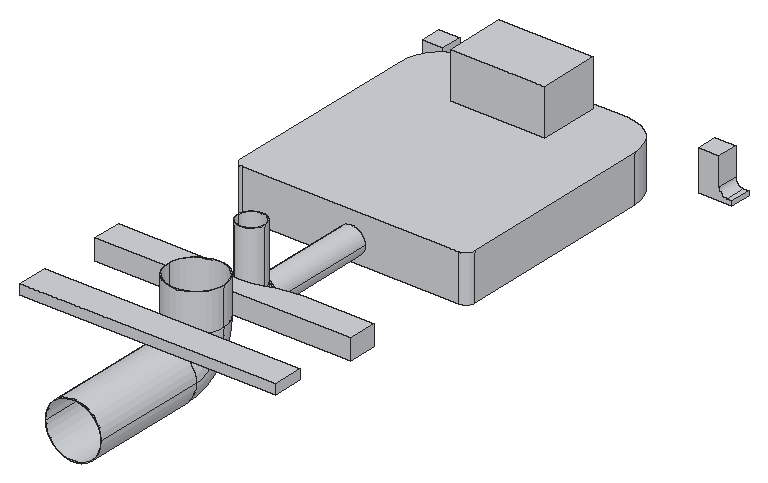
Revit family "Deca_Caixa de descarga embutida para drywall para bacia suspensa_Caixa embutida Hydra_2502.CX.AF", category Plumbing Fixtures, host Face, Revit 2019 (continued)
Automatic sketch dimensions
  Masking region 1 sketch curve to Masking region 1 sketch curve = 4.801 mm
  Masking region 1 sketch curve to Masking region 1 sketch curve = 1.145 mm
  Masking region 1 sketch curve to Masking region 1 sketch curve = 8.701 mm
  Masking region 1 sketch curve to Masking region 1 sketch curve = 66.216 mm
  Masking region 1 sketch curve to Masking region 1 sketch curve = 57.515 mm
  Masking region 1 sketch curve to Masking region 1 sketch curve = 0.263 mm  (x2)
  Masking region 1 sketch curve to Masking region 1 sketch curve = 1.203 mm  (x2)
  Masking region 1 sketch curve to Masking region 1 sketch curve = 14.477 mm  (x2)
  Masking region 1 sketch curve to Masking region 1 sketch curve = 31.077 mm  (x2)
  Masking region 1 sketch curve to Masking region 1 sketch curve = 1.241 mm  (x2)
  Masking region 1 sketch curve to Masking region 1 sketch curve = 10.359 mm  (x2)
  Masking region 1 sketch curve to Masking region 1 sketch curve = 0.044 mm  (x2)
  Masking region 1 sketch curve to Masking region 1 sketch curve = 14.84 mm
  Masking region 1 sketch curve to Masking region 1 sketch curve = 14.858 mm
  Masking region 1 sketch curve to Masking region 1 sketch curve = 1.018 mm
  Masking region 1 sketch curve to Masking region 1 sketch curve = 51.223 mm  (x2)
  Masking region 1 sketch curve to Masking region 1 sketch curve = 4.9 mm  (x2)
  Masking region 1 sketch curve to Masking region 1 sketch curve = 3.451 mm  (x2)
  Masking region 1 sketch curve to Masking region 1 sketch curve = 9.875 mm  (x2)
  Masking region 1 sketch curve to Masking region 1 sketch curve = 7.485 mm
  Masking region 1 sketch curve to Masking region 1 sketch curve = 312.589 mm
  Masking region 1 sketch curve to Masking region 1 sketch curve = 323.074 mm
  Masking region 1 sketch curve to Masking region 1 sketch curve = 31.409 mm
  Masking region 1 sketch curve to Masking region 1 sketch curve = 36.054 mm
  Masking region 1 sketch curve to Masking region 1 sketch curve = 8.946 mm
  Masking region 1 sketch curve to Masking region 1 sketch curve = 32.617 mm
  Masking region 1 sketch curve to Masking region 1 sketch curve = 45.564 mm
  Masking region 1 sketch curve to Masking region 1 sketch curve = 116.841 mm
  Masking region 1 sketch curve to Masking region 1 sketch curve = 9.75 mm
  Masking region 1 sketch curve to Masking region 1 sketch curve = 26.819 mm
  Masking region 1 sketch curve to Masking region 1 sketch curve = 1.35 mm  (x2)
  Masking region 1 sketch curve to Masking region 1 sketch curve = 4 mm  (x4)
  Masking region 1 sketch curve to Masking region 1 sketch curve = 2.644 mm  (x2)
  Masking region 1 sketch curve to Masking region 1 sketch curve = 0.338 mm  (x2)
  Masking region 1 sketch curve to Masking region 1 sketch curve = 32.5 mm
  Masking region 1 sketch curve to Masking region 1 sketch curve = 49.569 mm
  Masking region 1 sketch curve to Masking region 1 sketch curve = 22.206 mm  (x2)
  Masking region 1 sketch curve to Masking region 1 sketch curve = 8.847 mm  (x2)
  Masking region 1 sketch curve to Masking region 1 sketch curve = 8.041 mm  (x2)
  Masking region 1 sketch curve to Masking region 1 sketch curve = 21 mm
  Masking region 1 sketch curve to Masking region 1 sketch curve = 60.75 mm
  Masking region 1 sketch curve to Masking region 1 sketch curve = 28.25 mm
  Masking region 1 sketch curve to Masking region 1 sketch curve = 30 mm
  Masking region 1 sketch curve to Masking region 1 sketch curve = 36 mm  (x2)
  Masking region 1 sketch curve to Masking region 1 sketch curve = 1.32 mm  (x2)
  Masking region 1 sketch curve to Masking region 1 sketch curve = 0.003 mm  (x2)
  Masking region 1 sketch curve to Masking region 1 sketch curve = 19.293 mm  (x2)
  Masking region 1 sketch curve to Masking region 1 sketch curve = 0.018 mm
  Masking region 2 sketch curve to Masking region 2 sketch curve = 0.175 mm
  Masking region 2 sketch curve to Masking region 2 sketch curve = 66 mm
  Masking region 2 sketch curve to Masking region 2 sketch curve = 318.264 mm
  Masking region 2 sketch curve to Masking region 2 sketch curve = 0.158 mm
  Masking region 2 sketch curve to Masking region 2 sketch curve = 91.717 mm
  Masking region 2 sketch curve to Masking region 2 sketch curve = 0.027 mm
  Masking region 2 sketch curve to Masking region 2 sketch curve = 3.007 mm
  Masking region 2 sketch curve to Masking region 2 sketch curve = 1.156 mm
  Masking region 2 sketch curve to Masking region 2 sketch curve = 3.983 mm
  Masking region 2 sketch curve to Masking region 2 sketch curve = 4.257 mm
  Masking region 2 sketch curve to Masking region 2 sketch curve = 9.486 mm
  Masking region 2 sketch curve to Masking region 2 sketch curve = 16.557 mm
  Masking region 2 sketch curve to Masking region 2 sketch curve = 51.902 mm
  Masking region 2 sketch curve to Masking region 2 sketch curve = 35.579 mm
  Masking region 2 sketch curve to Masking region 2 sketch curve = 7.021 mm
  Masking region 2 sketch curve to Masking region 2 sketch curve = 48.261 mm
  Masking region 2 sketch curve to Masking region 2 sketch curve = 164.816 mm
  Masking region 2 sketch curve to Masking region 2 sketch curve = 30 mm
  Masking region 2 sketch curve to Masking region 2 sketch curve = 0.997 mm
  Masking region 2 sketch curve to Masking region 2 sketch curve = 0.003 mm
  Masking region 2 sketch curve to Masking region 2 sketch curve = 15.861 mm
  Masking region 2 sketch curve to Masking region 2 sketch curve = 5.444 mm
  Masking region 2 sketch curve to Masking region 2 sketch curve = 5.484 mm
  Masking region 2 sketch curve to Masking region 2 sketch curve = 339.717 mm
  Masking region 2 sketch curve to Masking region 2 sketch curve = 15.969 mm
  Masking region 2 sketch curve to Masking region 2 sketch curve = 77.648 mm
  Masking region 2 sketch curve to Masking region 2 sketch curve = 39.255 mm
  Masking region 2 sketch curve to Masking region 2 sketch curve = 0.177 mm
  Masking region 2 sketch curve to Masking region 2 sketch curve = 10.114 mm
  Masking region 2 sketch curve to Masking region 2 sketch curve = 0.019 mm
  Masking region 2 sketch curve to Masking region 2 sketch curve = 0.803 mm
  Masking region 2 sketch curve to Masking region 2 sketch curve = 2.6 mm
  Masking region 2 sketch curve to Masking region 2 sketch curve = 3.383 mm
  Masking region 2 sketch curve to Masking region 2 sketch curve = 2 mm
  Masking region 2 sketch curve to Masking region 2 sketch curve = 2.644 mm
  Masking region 2 sketch curve to Masking region 2 sketch curve = 0.338 mm
  Masking region 2 sketch curve to Masking region 2 sketch curve = 1.606 mm  (x2)
  Masking region 2 sketch curve to Masking region 2 sketch curve = 21 mm
  Masking region 2 sketch curve to Masking region 2 sketch curve = 17.75 mm
  Masking region 2 sketch curve to Masking region 2 sketch curve = 15.46 mm  (x2)
  Masking region 2 sketch curve to Masking region 2 sketch curve = 9.08 mm
  Masking region 2 sketch curve to Masking region 2 sketch curve = 0 mm  (x2)
  Masking region 2 sketch curve to Masking region 2 sketch curve = 0.955 mm
  Masking region 2 sketch curve to Masking region 2 sketch curve = 2.302 mm
  Masking region 2 sketch curve to Masking region 2 sketch curve = 4.101 mm
  Masking region 2 sketch curve to Masking region 2 sketch curve = 28.587 mm
  Masking region 2 sketch curve to Masking region 2 sketch curve = 6.35 mm
  Masking region 2 sketch curve to Masking region 2 sketch curve = 19.153 mm
  Masking region 2 sketch curve to Masking region 2 sketch curve = 20.613 mm
  Masking region 2 sketch curve to Masking region 2 sketch curve = 3.54 mm
  Masking region 2 sketch curve to Masking region 2 sketch curve = 5 mm
  Masking region 2 sketch curve to Masking region 2 sketch curve = 36.482 mm
  Masking region 2 sketch curve to Masking region 2 sketch curve = 2.5 mm  (x2)
  Masking region 2 sketch curve to Masking region 2 sketch curve = 8.057 mm
  Masking region 2 sketch curve to Masking region 2 sketch curve = 3.953 mm
  Masking region 3 sketch curve to Masking region 3 sketch curve = 2.327 mm  (x2)
  Masking region 3 sketch curve to Masking region 3 sketch curve = 16.016 mm  (x2)
  Masking region 3 sketch curve to Masking region 3 sketch curve = 0.15 mm  (x2)
  Masking region 3 sketch curve to Masking region 3 sketch curve = 8.316 mm  (x2)
  Masking region 3 sketch curve to Masking region 3 sketch curve = 1.315 mm  (x2)
  Masking region 3 sketch curve to Masking region 3 sketch curve = 0.5 mm  (x2)
  Masking region 3 sketch curve to Masking region 3 sketch curve = 4.393 mm  (x2)
  Masking region 3 sketch curve to Masking region 3 sketch curve = 6.357 mm  (x2)
  Masking region 3 sketch curve to Masking region 3 sketch curve = 2.339 mm  (x2)
  Masking region 3 sketch curve to Masking region 3 sketch curve = 1.911 mm  (x2)
  Masking region 3 sketch curve to Masking region 3 sketch curve = 6 mm  (x5)
  Masking region 3 sketch curve to Masking region 3 sketch curve = 3 mm  (x4)
  Masking region 3 sketch curve to Masking region 3 sketch curve = 18.5 mm  (x2)
  Masking region 3 sketch curve to Masking region 3 sketch curve = 19.5 mm  (x3)
  Masking region 3 sketch curve to Masking region 3 sketch curve = 2 mm  (x2)
  Masking region 3 sketch curve to Masking region 3 sketch curve = 15 mm  (x2)
  Masking region 3 sketch curve to Masking region 3 sketch curve = 0.006 mm  (x2)
  Masking region 3 sketch curve to Masking region 3 sketch curve = 7.994 mm  (x2)
  Masking region 3 sketch curve to Masking region 3 sketch curve = 1 mm  (x2)
  Masking region 3 sketch curve to Masking region 3 sketch curve = 0 mm  (x9)
  Masking region 3 sketch curve to Masking region 3 sketch curve = 10.979 mm
  Masking region 3 sketch curve to Masking region 3 sketch curve = 1.04 mm  (x2)
  Masking region 3 sketch curve to Masking region 3 sketch curve = 6.519 mm
  Masking region 3 sketch curve to Masking region 3 sketch curve = 4.46 mm
  Masking region 3 sketch curve to Masking region 3 sketch curve = 6.019 mm
  Masking region 3 sketch curve to Masking region 3 sketch curve = 3.009 mm  (x2)
  Masking region 3 sketch curve to Masking region 3 sketch curve = 3.309 mm  (x2)
  Masking region 3 sketch curve to Masking region 3 sketch curve = 4.3 mm  (x2)
  Masking region 3 sketch curve to Masking region 3 sketch curve = 9 mm  (x4)
  Masking region 3 sketch curve to Masking region 3 sketch curve = 5 mm  (x2)
  Masking region 3 sketch curve to Masking region 3 sketch curve = 36 mm  (x2)
  Masking region 3 sketch curve to Masking region 3 sketch curve = 0.525 mm
  Sweep 1 sketch curve to profile plane = 0 mm
  profile plane to Sweep 2 sketch curve = 0 mm
  Sweep 2 sketch curve to profile plane = 0 mm
  Masking region 2 sketch curve to Masking region 2 sketch curve = 107.221 mm
  Masking region 2 sketch curve to Masking region 2 sketch curve = 4 mm
  Masking region 2 sketch curve to Masking region 2 sketch curve = 3 mm
  Masking region 2 sketch curve to Masking region 2 sketch curve = 0.011 mm
  Masking region 2 sketch curve to Masking region 2 sketch curve = 0.445 mm
  Masking region 2 sketch curve to Masking region 2 sketch curve = 18.695 mm
  Masking region 2 sketch curve to Masking region 2 sketch curve = 0.029 mm
  Masking region 2 sketch curve to Masking region 2 sketch curve = 17.465 mm
  Masking region 2 sketch curve to Masking region 2 sketch curve = 0.005 mm
  Masking region 2 sketch curve to Masking region 2 sketch curve = 24 mm
  Masking region 2 sketch curve to Masking region 2 sketch curve = 24.945 mm
  Masking region 2 sketch curve to Masking region 2 sketch curve = 3.686 mm
  Masking region 2 sketch curve to Masking region 2 sketch curve = 0.007 mm
  Masking region 2 sketch curve to Masking region 2 sketch curve = 1.039 mm
  Masking region 2 sketch curve to Masking region 2 sketch curve = 0.043 mm
  Masking region 2 sketch curve to Masking region 2 sketch curve = 1.568 mm
  Masking region 2 sketch curve to Masking region 2 sketch curve = 0.045 mm
  Masking region 2 sketch curve to Masking region 2 sketch curve = 0.524 mm
  Masking region 2 sketch curve to Masking region 2 sketch curve = 30.096 mm
  Masking region 2 sketch curve to Masking region 2 sketch curve = 37.929 mm
  Masking region 2 sketch curve to Masking region 2 sketch curve = 9.48 mm
  Masking region 2 sketch curve to Masking region 2 sketch curve = 0.07 mm
  Masking region 2 sketch curve to Masking region 2 sketch curve = 2.121 mm
  Masking region 2 sketch curve to Masking region 2 sketch curve = 7.018 mm
  Masking region 2 sketch curve to Masking region 2 sketch curve = 0.174 mm
  Masking region 2 sketch curve to Masking region 2 sketch curve = 8.75 mm
  Masking region 2 sketch curve to Masking region 2 sketch curve = 15.573 mm
  Masking region 2 sketch curve to Masking region 2 sketch curve = 48.425 mm
  Masking region 4 sketch curve to Masking region 4 sketch curve = 0.175 mm
  Masking region 4 sketch curve to Masking region 4 sketch curve = 66 mm
  Masking region 4 sketch curve to Masking region 4 sketch curve = 318.264 mm
  Masking region 4 sketch curve to Masking region 4 sketch curve = 0.158 mm
  Masking region 4 sketch curve to Masking region 4 sketch curve = 91.717 mm
  Masking region 4 sketch curve to Masking region 4 sketch curve = 0.027 mm
  Masking region 4 sketch curve to Masking region 4 sketch curve = 3.007 mm
  Masking region 4 sketch curve to Masking region 4 sketch curve = 1.156 mm
  Masking region 4 sketch curve to Masking region 4 sketch curve = 3.983 mm
  Masking region 4 sketch curve to Masking region 4 sketch curve = 4.257 mm
  Masking region 4 sketch curve to Masking region 4 sketch curve = 9.486 mm
  Masking region 4 sketch curve to Masking region 4 sketch curve = 16.557 mm
  Masking region 4 sketch curve to Masking region 4 sketch curve = 51.902 mm
  Masking region 4 sketch curve to Masking region 4 sketch curve = 35.579 mm
  Masking region 4 sketch curve to Masking region 4 sketch curve = 7.021 mm
  Masking region 4 sketch curve to Masking region 4 sketch curve = 48.261 mm
  Masking region 4 sketch curve to Masking region 4 sketch curve = 164.816 mm
  Masking region 4 sketch curve to Masking region 4 sketch curve = 30 mm
  Masking region 4 sketch curve to Masking region 4 sketch curve = 0.997 mm
  Masking region 4 sketch curve to Masking region 4 sketch curve = 0.003 mm
  Masking region 4 sketch curve to Masking region 4 sketch curve = 15.861 mm
  Masking region 4 sketch curve to Masking region 4 sketch curve = 5.444 mm
  Masking region 4 sketch curve to Masking region 4 sketch curve = 5.484 mm
  Masking region 4 sketch curve to Masking region 4 sketch curve = 339.717 mm
  Masking region 4 sketch curve to Masking region 4 sketch curve = 15.969 mm
  Masking region 4 sketch curve to Masking region 4 sketch curve = 77.648 mm
  Masking region 4 sketch curve to Masking region 4 sketch curve = 39.255 mm
  Masking region 4 sketch curve to Masking region 4 sketch curve = 0.177 mm
  Masking region 4 sketch curve to Masking region 4 sketch curve = 10.114 mm
  Masking region 4 sketch curve to Masking region 4 sketch curve = 0.019 mm
  Masking region 4 sketch curve to Masking region 4 sketch curve = 0.803 mm
  Masking region 4 sketch curve to Masking region 4 sketch curve = 2.6 mm
  Masking region 4 sketch curve to Masking region 4 sketch curve = 3.383 mm
  Masking region 4 sketch curve to Masking region 4 sketch curve = 2 mm
  Masking region 4 sketch curve to Masking region 4 sketch curve = 2.644 mm
  Masking region 4 sketch curve to Masking region 4 sketch curve = 0.338 mm
  Masking region 4 sketch curve to Masking region 4 sketch curve = 1.606 mm  (x2)
  Masking region 4 sketch curve to Masking region 4 sketch curve = 21 mm
  Masking region 4 sketch curve to Masking region 4 sketch curve = 17.75 mm
  Masking region 4 sketch curve to Masking region 4 sketch curve = 15.46 mm  (x2)
  Masking region 4 sketch curve to Masking region 4 sketch curve = 9.08 mm
  Masking region 4 sketch curve to Masking region 4 sketch curve = 0 mm  (x2)
  Masking region 4 sketch curve to Masking region 4 sketch curve = 0.955 mm
  Masking region 4 sketch curve to Masking region 4 sketch curve = 2.302 mm
  Masking region 4 sketch curve to Masking region 4 sketch curve = 4.101 mm
  Masking region 4 sketch curve to Masking region 4 sketch curve = 28.587 mm
  Masking region 4 sketch curve to Masking region 4 sketch curve = 6.35 mm
  Masking region 4 sketch curve to Masking region 4 sketch curve = 19.153 mm
  Masking region 4 sketch curve to Masking region 4 sketch curve = 20.613 mm
  Masking region 4 sketch curve to Masking region 4 sketch curve = 3.54 mm
  Masking region 4 sketch curve to Masking region 4 sketch curve = 5 mm
  Masking region 4 sketch curve to Masking region 4 sketch curve = 36.482 mm
  Masking region 4 sketch curve to Masking region 4 sketch curve = 2.5 mm  (x2)
  Masking region 4 sketch curve to Masking region 4 sketch curve = 8.057 mm
  Masking region 4 sketch curve to Masking region 4 sketch curve = 3.953 mm
  Masking region 4 sketch curve to Masking region 4 sketch curve = 107.221 mm
  Masking region 4 sketch curve to Masking region 4 sketch curve = 4 mm
  Masking region 4 sketch curve to Masking region 4 sketch curve = 3 mm
  Masking region 4 sketch curve to Masking region 4 sketch curve = 0.011 mm
  Masking region 4 sketch curve to Masking region 4 sketch curve = 0.445 mm
  Masking region 4 sketch curve to Masking region 4 sketch curve = 18.695 mm
  Masking region 4 sketch curve to Masking region 4 sketch curve = 0.029 mm
  Masking region 4 sketch curve to Masking region 4 sketch curve = 17.465 mm
  Masking region 4 sketch curve to Masking region 4 sketch curve = 0.005 mm
  Masking region 4 sketch curve to Masking region 4 sketch curve = 24 mm
  Masking region 4 sketch curve to Masking region 4 sketch curve = 24.945 mm
  Masking region 4 sketch curve to Masking region 4 sketch curve = 3.686 mm
  Masking region 4 sketch curve to Masking region 4 sketch curve = 0.007 mm
  Masking region 4 sketch curve to Masking region 4 sketch curve = 1.039 mm
  Masking region 4 sketch curve to Masking region 4 sketch curve = 0.043 mm
  Masking region 4 sketch curve to Masking region 4 sketch curve = 1.568 mm
  Masking region 4 sketch curve to Masking region 4 sketch curve = 0.045 mm
  Masking region 4 sketch curve to Masking region 4 sketch curve = 0.524 mm
  Masking region 4 sketch curve to Masking region 4 sketch curve = 30.096 mm
  Masking region 4 sketch curve to Masking region 4 sketch curve = 37.929 mm
  Masking region 4 sketch curve to Masking region 4 sketch curve = 9.48 mm
  Masking region 4 sketch curve to Masking region 4 sketch curve = 0.07 mm
  Masking region 4 sketch curve to Masking region 4 sketch curve = 2.121 mm
  Masking region 4 sketch curve to Masking region 4 sketch curve = 7.018 mm
  Masking region 4 sketch curve to Masking region 4 sketch curve = 0.174 mm
  Masking region 4 sketch curve to Masking region 4 sketch curve = 8.75 mm
  Masking region 4 sketch curve to Masking region 4 sketch curve = 15.573 mm
  Masking region 4 sketch curve to Masking region 4 sketch curve = 48.425 mm
  Masking region 2 sketch curve to Masking region 2 sketch curve = 40 mm
  Masking region 4 sketch curve to Masking region 4 sketch curve = 40 mm
  Masking region 5 sketch curve to Masking region 5 sketch curve = 4.291 mm
  Masking region 5 sketch curve to Masking region 5 sketch curve = 101.586 mm
  Masking region 5 sketch curve to Masking region 5 sketch curve = 4.123 mm
  Masking region 5 sketch curve to Masking region 5 sketch curve = 44.564 mm
  Masking region 5 sketch curve to Masking region 5 sketch curve = 52.037 mm
  Masking region 5 sketch curve to Masking region 5 sketch curve = 0.27 mm
  Masking region 5 sketch curve to Masking region 5 sketch curve = 0.5 mm  (x2)
  Masking region 5 sketch curve to Masking region 5 sketch curve = 1.5 mm
  Masking region 5 sketch curve to Masking region 5 sketch curve = 1.624 mm  (x2)
  Masking region 5 sketch curve to Masking region 5 sketch curve = 9.78 mm
  Masking region 5 sketch curve to Masking region 5 sketch curve = 20.511 mm  (x2)
  Masking region 5 sketch curve to Masking region 5 sketch curve = 3.377 mm
  Masking region 5 sketch curve to Masking region 5 sketch curve = 6.926 mm
  Masking region 5 sketch curve to Masking region 5 sketch curve = 1 mm
  Masking region 5 sketch curve to Masking region 5 sketch curve = 0.23 mm
  Masking region 5 sketch curve to Masking region 5 sketch curve = 71.2 mm
  Masking region 5 sketch curve to Masking region 5 sketch curve = 564.716 mm
  Masking region 5 sketch curve to Masking region 5 sketch curve = 6 mm  (x2)
  Masking region 5 sketch curve to Masking region 5 sketch curve = 2.15 mm  (x2)
  Masking region 5 sketch curve to Masking region 5 sketch curve = 0.714 mm  (x2)
  Masking region 5 sketch curve to Masking region 5 sketch curve = 0.357 mm  (x2)
  Masking region 5 sketch curve to Masking region 5 sketch curve = 11.029 mm
  Masking region 5 sketch curve to Masking region 5 sketch curve = 90 mm
  Masking region 5 sketch curve to Masking region 5 sketch curve = 6.746 mm
  Masking region 5 sketch curve to Masking region 5 sketch curve = 1.857 mm  (x2)
  Masking region 5 sketch curve to Masking region 5 sketch curve = 2.426 mm
  Masking region 5 sketch curve to Masking region 5 sketch curve = 11.278 mm
  Masking region 5 sketch curve to Masking region 5 sketch curve = 9.778 mm
  Masking region 5 sketch curve to Masking region 5 sketch curve = 3.822 mm
  Masking region 5 sketch curve to Masking region 5 sketch curve = 4.604 mm
  Masking region 5 sketch curve to Masking region 5 sketch curve = 0 mm  (x14)
  Masking region 5 sketch curve to Masking region 5 sketch curve = 0.01 mm  (x2)
  Masking region 5 sketch curve to Masking region 5 sketch curve = 4.5 mm  (x2)
  Masking region 5 sketch curve to Masking region 5 sketch curve = 9.1 mm  (x2)
  Masking region 5 sketch curve to Masking region 5 sketch curve = 52.258 mm
  Masking region 5 sketch curve to Masking region 5 sketch curve = 52.45 mm
  Masking region 5 sketch curve to Masking region 5 sketch curve = 36.65 mm
  Masking region 5 sketch curve to Masking region 5 sketch curve = 40.908 mm  (x2)
  Masking region 5 sketch curve to Masking region 5 sketch curve = 0.743 mm  (x2)
  Masking region 5 sketch curve to Masking region 5 sketch curve = 7.323 mm
  Masking region 5 sketch curve to Masking region 5 sketch curve = 0.001 mm  (x2)
  Masking region 5 sketch curve to Masking region 5 sketch curve = 2.283 mm
  Masking region 5 sketch curve to Masking region 5 sketch curve = 0.143 mm
  Masking region 5 sketch curve to Masking region 5 sketch curve = 4.642 mm  (x2)
  Masking region 5 sketch curve to Masking region 5 sketch curve = 19.229 mm
  Masking region 5 sketch curve to Masking region 5 sketch curve = 0.703 mm
  Masking region 5 sketch curve to Masking region 5 sketch curve = 4.296 mm  (x3)
  Masking region 5 sketch curve to Masking region 5 sketch curve = 22.842 mm
  Masking region 5 sketch curve to Masking region 5 sketch curve = 5 mm
  Masking region 5 sketch curve to Masking region 5 sketch curve = 5.016 mm  (x2)
  Masking region 5 sketch curve to Masking region 5 sketch curve = 2.443 mm  (x2)
  Masking region 5 sketch curve to Masking region 5 sketch curve = 2 mm
  Masking region 5 sketch curve to Masking region 5 sketch curve = 85.103 mm  (x2)
  Masking region 5 sketch curve to Masking region 5 sketch curve = 1.77 mm  (x2)
  Masking region 5 sketch curve to Masking region 5 sketch curve = 5.323 mm
  Masking region 5 sketch curve to Masking region 5 sketch curve = 16.02 mm
  Masking region 7 sketch curve to Masking region 7 sketch curve = 0.175 mm
  Masking region 7 sketch curve to Masking region 7 sketch curve = 66 mm
  Masking region 7 sketch curve to Masking region 7 sketch curve = 318.264 mm
  Masking region 7 sketch curve to Masking region 7 sketch curve = 0.158 mm
  Masking region 7 sketch curve to Masking region 7 sketch curve = 91.717 mm
  Masking region 7 sketch curve to Masking region 7 sketch curve = 0.027 mm
  Masking region 7 sketch curve to Masking region 7 sketch curve = 3.007 mm
  Masking region 7 sketch curve to Masking region 7 sketch curve = 1.156 mm
  Masking region 7 sketch curve to Masking region 7 sketch curve = 3.983 mm
  Masking region 7 sketch curve to Masking region 7 sketch curve = 4.257 mm
  Masking region 7 sketch curve to Masking region 7 sketch curve = 9.486 mm
  Masking region 7 sketch curve to Masking region 7 sketch curve = 16.557 mm
  Masking region 7 sketch curve to Masking region 7 sketch curve = 51.902 mm
  Masking region 7 sketch curve to Masking region 7 sketch curve = 35.579 mm
  Masking region 7 sketch curve to Masking region 7 sketch curve = 7.021 mm
  Masking region 7 sketch curve to Masking region 7 sketch curve = 48.261 mm
  Masking region 7 sketch curve to Masking region 7 sketch curve = 164.816 mm
  Masking region 7 sketch curve to Masking region 7 sketch curve = 30 mm
  Masking region 7 sketch curve to Masking region 7 sketch curve = 0.997 mm
  Masking region 7 sketch curve to Masking region 7 sketch curve = 0.003 mm
  Masking region 7 sketch curve to Masking region 7 sketch curve = 15.861 mm
  Masking region 7 sketch curve to Masking region 7 sketch curve = 5.444 mm
  Masking region 7 sketch curve to Masking region 7 sketch curve = 5.484 mm
  Masking region 7 sketch curve to Masking region 7 sketch curve = 339.717 mm
  Masking region 7 sketch curve to Masking region 7 sketch curve = 15.969 mm
  Masking region 7 sketch curve to Masking region 7 sketch curve = 77.648 mm
  Masking region 7 sketch curve to Masking region 7 sketch curve = 39.255 mm
  Masking region 7 sketch curve to Masking region 7 sketch curve = 0.177 mm
  Masking region 7 sketch curve to Masking region 7 sketch curve = 10.114 mm
  Masking region 7 sketch curve to Masking region 7 sketch curve = 0.019 mm
  Masking region 7 sketch curve to Masking region 7 sketch curve = 0.803 mm
  Masking region 7 sketch curve to Masking region 7 sketch curve = 2.6 mm
  Masking region 7 sketch curve to Masking region 7 sketch curve = 3.383 mm
  Masking region 7 sketch curve to Masking region 7 sketch curve = 2 mm
  Masking region 7 sketch curve to Masking region 7 sketch curve = 2.644 mm
  Masking region 7 sketch curve to Masking region 7 sketch curve = 0.338 mm
  Masking region 7 sketch curve to Masking region 7 sketch curve = 1.606 mm  (x2)
  Masking region 7 sketch curve to Masking region 7 sketch curve = 21 mm
  Masking region 7 sketch curve to Masking region 7 sketch curve = 17.75 mm
  Masking region 7 sketch curve to Masking region 7 sketch curve = 15.46 mm  (x2)
  Masking region 7 sketch curve to Masking region 7 sketch curve = 9.08 mm
  Masking region 7 sketch curve to Masking region 7 sketch curve = 0 mm  (x2)
  Masking region 7 sketch curve to Masking region 7 sketch curve = 0.955 mm
  Masking region 7 sketch curve to Masking region 7 sketch curve = 2.302 mm
  Masking region 7 sketch curve to Masking region 7 sketch curve = 4.101 mm
  Masking region 7 sketch curve to Masking region 7 sketch curve = 28.587 mm
  Masking region 7 sketch curve to Masking region 7 sketch curve = 6.35 mm
  Masking region 7 sketch curve to Masking region 7 sketch curve = 19.153 mm
  Masking region 7 sketch curve to Masking region 7 sketch curve = 20.613 mm
  Masking region 7 sketch curve to Masking region 7 sketch curve = 3.54 mm
  Masking region 7 sketch curve to Masking region 7 sketch curve = 5 mm
  Masking region 7 sketch curve to Masking region 7 sketch curve = 36.482 mm
  Masking region 7 sketch curve to Masking region 7 sketch curve = 2.5 mm  (x2)
  Masking region 7 sketch curve to Masking region 7 sketch curve = 8.057 mm
  Masking region 7 sketch curve to Masking region 7 sketch curve = 3.953 mm
  Masking region 7 sketch curve to Masking region 7 sketch curve = 107.221 mm
  Masking region 7 sketch curve to Masking region 7 sketch curve = 4 mm
  Masking region 7 sketch curve to Masking region 7 sketch curve = 3 mm
  Masking region 7 sketch curve to Masking region 7 sketch curve = 0.011 mm
  Masking region 7 sketch curve to Masking region 7 sketch curve = 0.445 mm
  Masking region 7 sketch curve to Masking region 7 sketch curve = 18.695 mm
  Masking region 7 sketch curve to Masking region 7 sketch curve = 0.029 mm
  Masking region 7 sketch curve to Masking region 7 sketch curve = 17.465 mm
  Masking region 7 sketch curve to Masking region 7 sketch curve = 0.005 mm
  Masking region 7 sketch curve to Masking region 7 sketch curve = 24 mm
  Masking region 7 sketch curve to Masking region 7 sketch curve = 24.945 mm
  Masking region 7 sketch curve to Masking region 7 sketch curve = 3.686 mm
  Masking region 7 sketch curve to Masking region 7 sketch curve = 0.007 mm
  Masking region 7 sketch curve to Masking region 7 sketch curve = 1.039 mm
  Masking region 7 sketch curve to Masking region 7 sketch curve = 0.043 mm
  Masking region 7 sketch curve to Masking region 7 sketch curve = 1.568 mm
  Masking region 7 sketch curve to Masking region 7 sketch curve = 0.045 mm
  Masking region 7 sketch curve to Masking region 7 sketch curve = 0.524 mm
  Masking region 7 sketch curve to Masking region 7 sketch curve = 30.096 mm
  Masking region 7 sketch curve to Masking region 7 sketch curve = 37.929 mm
  Masking region 7 sketch curve to Masking region 7 sketch curve = 9.48 mm
  Masking region 7 sketch curve to Masking region 7 sketch curve = 0.07 mm
  Masking region 7 sketch curve to Masking region 7 sketch curve = 2.121 mm
  Masking region 7 sketch curve to Masking region 7 sketch curve = 7.018 mm
  Masking region 7 sketch curve to Masking region 7 sketch curve = 0.174 mm
  Masking region 7 sketch curve to Masking region 7 sketch curve = 8.75 mm
  Masking region 7 sketch curve to Masking region 7 sketch curve = 15.573 mm
  Masking region 7 sketch curve to Masking region 7 sketch curve = 48.425 mm
  Masking region 7 sketch curve to Masking region 7 sketch curve = 40 mm
  Masking region 8 sketch curve to Masking region 8 sketch curve = 4.291 mm
  Masking region 8 sketch curve to Masking region 8 sketch curve = 101.586 mm
  Masking region 8 sketch curve to Masking region 8 sketch curve = 4.123 mm
  Masking region 8 sketch curve to Masking region 8 sketch curve = 44.564 mm
  Masking region 8 sketch curve to Masking region 8 sketch curve = 52.037 mm
  Masking region 8 sketch curve to Masking region 8 sketch curve = 0.27 mm
  Masking region 8 sketch curve to Masking region 8 sketch curve = 0.5 mm  (x2)
  Masking region 8 sketch curve to Masking region 8 sketch curve = 1.5 mm
  Masking region 8 sketch curve to Masking region 8 sketch curve = 1.624 mm  (x2)
  Masking region 8 sketch curve to Masking region 8 sketch curve = 9.78 mm
  Masking region 8 sketch curve to Masking region 8 sketch curve = 20.511 mm  (x2)
  Masking region 8 sketch curve to Masking region 8 sketch curve = 3.377 mm
  Masking region 8 sketch curve to Masking region 8 sketch curve = 6.926 mm
  Masking region 8 sketch curve to Masking region 8 sketch curve = 1 mm
  Masking region 8 sketch curve to Masking region 8 sketch curve = 0.23 mm
  Masking region 8 sketch curve to Masking region 8 sketch curve = 71.2 mm
  Masking region 8 sketch curve to Masking region 8 sketch curve = 564.716 mm
  Masking region 8 sketch curve to Masking region 8 sketch curve = 6 mm  (x2)
  Masking region 8 sketch curve to Masking region 8 sketch curve = 2.15 mm  (x2)
  Masking region 8 sketch curve to Masking region 8 sketch curve = 0.714 mm  (x2)
  Masking region 8 sketch curve to Masking region 8 sketch curve = 0.357 mm  (x2)
  Masking region 8 sketch curve to Masking region 8 sketch curve = 11.029 mm
  Masking region 8 sketch curve to Masking region 8 sketch curve = 90 mm
  Masking region 8 sketch curve to Masking region 8 sketch curve = 6.746 mm
  Masking region 8 sketch curve to Masking region 8 sketch curve = 1.857 mm  (x2)
  Masking region 8 sketch curve to Masking region 8 sketch curve = 2.426 mm
  Masking region 8 sketch curve to Masking region 8 sketch curve = 11.278 mm
  Masking region 8 sketch curve to Masking region 8 sketch curve = 9.778 mm
  Masking region 8 sketch curve to Masking region 8 sketch curve = 3.822 mm
  Masking region 8 sketch curve to Masking region 8 sketch curve = 4.604 mm
  Masking region 8 sketch curve to Masking region 8 sketch curve = 0 mm  (x14)
  Masking region 8 sketch curve to Masking region 8 sketch curve = 0.01 mm  (x2)
  Masking region 8 sketch curve to Masking region 8 sketch curve = 4.5 mm  (x2)
  Masking region 8 sketch curve to Masking region 8 sketch curve = 9.1 mm  (x2)
  Masking region 8 sketch curve to Masking region 8 sketch curve = 52.258 mm
  Masking region 8 sketch curve to Masking region 8 sketch curve = 52.45 mm
  Masking region 8 sketch curve to Masking region 8 sketch curve = 36.65 mm
  Masking region 8 sketch curve to Masking region 8 sketch curve = 40.908 mm  (x2)
  Masking region 8 sketch curve to Masking region 8 sketch curve = 0.743 mm  (x2)
  Masking region 8 sketch curve to Masking region 8 sketch curve = 7.323 mm
  Masking region 8 sketch curve to Masking region 8 sketch curve = 0.001 mm  (x2)
  Masking region 8 sketch curve to Masking region 8 sketch curve = 2.283 mm
  Masking region 8 sketch curve to Masking region 8 sketch curve = 0.143 mm
  Masking region 8 sketch curve to Masking region 8 sketch curve = 4.642 mm  (x2)
  Masking region 8 sketch curve to Masking region 8 sketch curve = 19.229 mm
  Masking region 8 sketch curve to Masking region 8 sketch curve = 0.703 mm
  Masking region 8 sketch curve to Masking region 8 sketch curve = 4.296 mm  (x3)
  Masking region 8 sketch curve to Masking region 8 sketch curve = 22.842 mm
  Masking region 8 sketch curve to Masking region 8 sketch curve = 5 mm
  Masking region 8 sketch curve to Masking region 8 sketch curve = 5.016 mm  (x2)
  Masking region 8 sketch curve to Masking region 8 sketch curve = 2.443 mm  (x2)
  Masking region 8 sketch curve to Masking region 8 sketch curve = 2 mm
  Masking region 8 sketch curve to Masking region 8 sketch curve = 85.103 mm  (x2)
  Masking region 8 sketch curve to Masking region 8 sketch curve = 1.77 mm  (x2)
  Masking region 8 sketch curve to Masking region 8 sketch curve = 5.323 mm
  Masking region 8 sketch curve to Masking region 8 sketch curve = 16.02 mm
  Masking region 3 sketch curve to Masking region 3 sketch curve = 195.548 mm
  Masking region 3 sketch curve to Masking region 3 sketch curve = 205.503 mm
  Masking region 9 sketch curve to Masking region 9 sketch curve = 21.956 mm
  Masking region 9 sketch curve to Masking region 9 sketch curve = 23.717 mm
  Masking region 9 sketch curve to Masking region 9 sketch curve = 41.604 mm
  Masking region 9 sketch curve to Masking region 9 sketch curve = 2.304 mm
  Masking region 9 sketch curve to Masking region 9 sketch curve = 10.452 mm
  Masking region 9 sketch curve to Masking region 9 sketch curve = 2.625 mm
  Masking region 9 sketch curve to Masking region 9 sketch curve = 67.335 mm
  Masking region 9 sketch curve to Masking region 9 sketch curve = 11.049 mm
  Masking region 9 sketch curve to Masking region 9 sketch curve = 13.065 mm
  Masking region 9 sketch curve to Masking region 9 sketch curve = 6.103 mm  (x2)
  Masking region 9 sketch curve to Masking region 9 sketch curve = 0 mm  (x4)
  Masking region 9 sketch curve to Masking region 9 sketch curve = 3.33 mm  (x2)
  Masking region 9 sketch curve to Masking region 9 sketch curve = 1.697 mm  (x2)
  Masking region 9 sketch curve to Masking region 9 sketch curve = 85.103 mm
  Masking region 9 sketch curve to Masking region 9 sketch curve = 6 mm  (x3)
  Masking region 9 sketch curve to Masking region 9 sketch curve = 7 mm
  Masking region 9 sketch curve to Masking region 9 sketch curve = 2 mm
  Masking region 9 sketch curve to Masking region 9 sketch curve = 9 mm
  Masking region 9 sketch curve to Masking region 9 sketch curve = 34.701 mm
  Masking region 3 sketch curve to Masking region 3 sketch curve = 44.497 mm
  Masking region 3 sketch curve to Masking region 3 sketch curve = 98.949 mm
  Masking region 3 sketch curve to Masking region 3 sketch curve = 24 mm  (x2)
  Masking region 3 sketch curve to Masking region 3 sketch curve = 7.61 mm  (x2)
  Masking region 3 sketch curve to Masking region 3 sketch curve = 6.371 mm
  Masking region 3 sketch curve to Masking region 3 sketch curve = 7.229 mm
  Masking region 9 sketch curve to Masking region 9 sketch curve = 183.809 mm
  Masking region 10 sketch curve to Masking region 10 sketch curve = 2.327 mm  (x2)
  Masking region 10 sketch curve to Masking region 10 sketch curve = 16.016 mm  (x2)
  Masking region 10 sketch curve to Masking region 10 sketch curve = 0.15 mm  (x2)
  Masking region 10 sketch curve to Masking region 10 sketch curve = 8.316 mm  (x2)
  Masking region 10 sketch curve to Masking region 10 sketch curve = 1.315 mm  (x2)
  Masking region 10 sketch curve to Masking region 10 sketch curve = 0.5 mm  (x2)
  Masking region 10 sketch curve to Masking region 10 sketch curve = 4.393 mm  (x2)
  Masking region 10 sketch curve to Masking region 10 sketch curve = 6.357 mm  (x2)
  Masking region 10 sketch curve to Masking region 10 sketch curve = 2.339 mm  (x2)
  Masking region 10 sketch curve to Masking region 10 sketch curve = 1.911 mm  (x2)
  Masking region 10 sketch curve to Masking region 10 sketch curve = 6 mm  (x5)
  Masking region 10 sketch curve to Masking region 10 sketch curve = 3 mm  (x4)
  Masking region 10 sketch curve to Masking region 10 sketch curve = 18.5 mm  (x2)
  Masking region 10 sketch curve to Masking region 10 sketch curve = 19.5 mm  (x3)
  Masking region 10 sketch curve to Masking region 10 sketch curve = 2 mm  (x2)
  Masking region 10 sketch curve to Masking region 10 sketch curve = 15 mm  (x2)
  Masking region 10 sketch curve to Masking region 10 sketch curve = 0.006 mm  (x2)
  Masking region 10 sketch curve to Masking region 10 sketch curve = 7.994 mm  (x2)
  Masking region 10 sketch curve to Masking region 10 sketch curve = 1 mm  (x2)
  Masking region 10 sketch curve to Masking region 10 sketch curve = 0 mm  (x9)
  Masking region 10 sketch curve to Masking region 10 sketch curve = 10.979 mm
  Masking region 10 sketch curve to Masking region 10 sketch curve = 1.04 mm  (x2)
  Masking region 10 sketch curve to Masking region 10 sketch curve = 6.519 mm
  Masking region 10 sketch curve to Masking region 10 sketch curve = 4.46 mm
  Masking region 10 sketch curve to Masking region 10 sketch curve = 6.019 mm
  Masking region 10 sketch curve to Masking region 10 sketch curve = 3.009 mm  (x2)
  Masking region 10 sketch curve to Masking region 10 sketch curve = 3.309 mm  (x2)
  Masking region 10 sketch curve to Masking region 10 sketch curve = 4.3 mm  (x2)
  Masking region 10 sketch curve to Masking region 10 sketch curve = 9 mm  (x4)
  Masking region 10 sketch curve to Masking region 10 sketch curve = 5 mm  (x2)
  Masking region 10 sketch curve to Masking region 10 sketch curve = 36 mm  (x2)
  Masking region 10 sketch curve to Masking region 10 sketch curve = 0.525 mm
  Masking region 10 sketch curve to Masking region 10 sketch curve = 195.548 mm
  Masking region 10 sketch curve to Masking region 10 sketch curve = 205.503 mm
  Masking region 11 sketch curve to Masking region 11 sketch curve = 21.956 mm
  Masking region 11 sketch curve to Masking region 11 sketch curve = 23.717 mm
  Masking region 11 sketch curve to Masking region 11 sketch curve = 41.604 mm
  Masking region 11 sketch curve to Masking region 11 sketch curve = 2.304 mm
  Masking region 11 sketch curve to Masking region 11 sketch curve = 10.452 mm
  Masking region 11 sketch curve to Masking region 11 sketch curve = 2.625 mm
  Masking region 11 sketch curve to Masking region 11 sketch curve = 67.335 mm
  Masking region 11 sketch curve to Masking region 11 sketch curve = 11.049 mm
  Masking region 11 sketch curve to Masking region 11 sketch curve = 13.065 mm
  Masking region 11 sketch curve to Masking region 11 sketch curve = 6.103 mm  (x2)
  Masking region 11 sketch curve to Masking region 11 sketch curve = 0 mm  (x4)
  Masking region 11 sketch curve to Masking region 11 sketch curve = 3.33 mm  (x2)
  Masking region 11 sketch curve to Masking region 11 sketch curve = 1.697 mm  (x2)
  Masking region 11 sketch curve to Masking region 11 sketch curve = 85.103 mm
  Masking region 11 sketch curve to Masking region 11 sketch curve = 6 mm  (x3)
  Masking region 11 sketch curve to Masking region 11 sketch curve = 7 mm
  Masking region 11 sketch curve to Masking region 11 sketch curve = 2 mm
  Masking region 11 sketch curve to Masking region 11 sketch curve = 9 mm
  Masking region 11 sketch curve to Masking region 11 sketch curve = 34.701 mm
  Masking region 10 sketch curve to Masking region 10 sketch curve = 44.497 mm
  Masking region 10 sketch curve to Masking region 10 sketch curve = 98.949 mm
  Masking region 10 sketch curve to Masking region 10 sketch curve = 24 mm  (x2)
  Masking region 10 sketch curve to Masking region 10 sketch curve = 7.61 mm  (x2)
  Masking region 10 sketch curve to Masking region 10 sketch curve = 6.371 mm
  Masking region 10 sketch curve to Masking region 10 sketch curve = 7.229 mm
  Masking region 11 sketch curve to Masking region 11 sketch curve = 183.809 mm
  Masking region 12 sketch curve to Masking region 12 sketch curve = 2.327 mm  (x2)
  Masking region 12 sketch curve to Masking region 12 sketch curve = 16.016 mm  (x2)
  Masking region 12 sketch curve to Masking region 12 sketch curve = 0.15 mm  (x2)
  Masking region 12 sketch curve to Masking region 12 sketch curve = 8.316 mm  (x2)
  Masking region 12 sketch curve to Masking region 12 sketch curve = 1.315 mm  (x2)
  Masking region 12 sketch curve to Masking region 12 sketch curve = 0.5 mm  (x2)
  Masking region 12 sketch curve to Masking region 12 sketch curve = 4.393 mm  (x2)
  Masking region 12 sketch curve to Masking region 12 sketch curve = 6.357 mm  (x2)
  Masking region 12 sketch curve to Masking region 12 sketch curve = 2.339 mm  (x2)
  Masking region 12 sketch curve to Masking region 12 sketch curve = 1.911 mm  (x2)
  Masking region 12 sketch curve to Masking region 12 sketch curve = 6 mm  (x5)
  Masking region 12 sketch curve to Masking region 12 sketch curve = 3 mm  (x4)
  Masking region 12 sketch curve to Masking region 12 sketch curve = 18.5 mm  (x2)
  Masking region 12 sketch curve to Masking region 12 sketch curve = 19.5 mm  (x3)
  Masking region 12 sketch curve to Masking region 12 sketch curve = 2 mm  (x2)
  Masking region 12 sketch curve to Masking region 12 sketch curve = 15 mm  (x2)
  Masking region 12 sketch curve to Masking region 12 sketch curve = 0.006 mm  (x2)
  Masking region 12 sketch curve to Masking region 12 sketch curve = 7.994 mm  (x2)
  Masking region 12 sketch curve to Masking region 12 sketch curve = 1 mm  (x2)
  Masking region 12 sketch curve to Masking region 12 sketch curve = 0 mm  (x9)
  Masking region 12 sketch curve to Masking region 12 sketch curve = 10.979 mm
  Masking region 12 sketch curve to Masking region 12 sketch curve = 1.04 mm  (x2)
  Masking region 12 sketch curve to Masking region 12 sketch curve = 6.519 mm
  Masking region 12 sketch curve to Masking region 12 sketch curve = 4.46 mm
  Masking region 12 sketch curve to Masking region 12 sketch curve = 6.019 mm
  Masking region 12 sketch curve to Masking region 12 sketch curve = 3.009 mm  (x2)
  Masking region 12 sketch curve to Masking region 12 sketch curve = 3.309 mm  (x2)
  Masking region 12 sketch curve to Masking region 12 sketch curve = 4.3 mm  (x2)
  Masking region 12 sketch curve to Masking region 12 sketch curve = 9 mm  (x4)
  Masking region 12 sketch curve to Masking region 12 sketch curve = 5 mm  (x2)
  Masking region 12 sketch curve to Masking region 12 sketch curve = 36 mm  (x2)
  Masking region 12 sketch curve to Masking region 12 sketch curve = 0.525 mm
  Masking region 12 sketch curve to Masking region 12 sketch curve = 195.548 mm
  Masking region 12 sketch curve to Masking region 12 sketch curve = 205.503 mm
  Masking region 13 sketch curve to Masking region 13 sketch curve = 21.956 mm
  Masking region 13 sketch curve to Masking region 13 sketch curve = 23.717 mm
  Masking region 13 sketch curve to Masking region 13 sketch curve = 41.604 mm
  Masking region 13 sketch curve to Masking region 13 sketch curve = 2.304 mm
  Masking region 13 sketch curve to Masking region 13 sketch curve = 10.452 mm
  Masking region 13 sketch curve to Masking region 13 sketch curve = 2.625 mm
  Masking region 13 sketch curve to Masking region 13 sketch curve = 67.335 mm
  Masking region 13 sketch curve to Masking region 13 sketch curve = 11.049 mm
  Masking region 13 sketch curve to Masking region 13 sketch curve = 13.065 mm
  Masking region 13 sketch curve to Masking region 13 sketch curve = 6.103 mm  (x2)
  Masking region 13 sketch curve to Masking region 13 sketch curve = 0 mm  (x4)
  Masking region 13 sketch curve to Masking region 13 sketch curve = 3.33 mm  (x2)
  Masking region 13 sketch curve to Masking region 13 sketch curve = 1.697 mm  (x2)
  Masking region 13 sketch curve to Masking region 13 sketch curve = 85.103 mm
  Masking region 13 sketch curve to Masking region 13 sketch curve = 6 mm  (x3)
  Masking region 13 sketch curve to Masking region 13 sketch curve = 7 mm
  Masking region 13 sketch curve to Masking region 13 sketch curve = 2 mm
  Masking region 13 sketch curve to Masking region 13 sketch curve = 9 mm
  Masking region 13 sketch curve to Masking region 13 sketch curve = 34.701 mm
  Masking region 12 sketch curve to Masking region 12 sketch curve = 44.497 mm
  Masking region 12 sketch curve to Masking region 12 sketch curve = 98.949 mm
  Masking region 12 sketch curve to Masking region 12 sketch curve = 24 mm  (x2)
  Masking region 12 sketch curve to Masking region 12 sketch curve = 7.61 mm  (x2)
  Masking region 12 sketch curve to Masking region 12 sketch curve = 6.371 mm
  Masking region 12 sketch curve to Masking region 12 sketch curve = 7.229 mm
  Masking region 13 sketch curve to Masking region 13 sketch curve = 183.809 mm
  plane 3 "Center (Left/Right)" to Extrusion 3 sketch curve = 0 mm  (x2)
  Extrusion 3 sketch curve to plane 1 "Center (Front/Back)" = 192.767 mm
  Extrusion 3 sketch curve to Extrusion 3 sketch curve = 134.504 mm
  Extrusion 3 sketch curve to Extrusion 3 sketch curve = 55 mm
  plane 3 "Center (Left/Right)" to Extrusion 3 sketch curve = 91.897 mm
  Extrusion 3 sketch curve to Extrusion 3 sketch curve = 603.479 mm
  Extrusion 3 sketch curve to plane 3 "Center (Left/Right)" = 91.897 mm
  Extrusion 3 sketch curve to Extrusion 3 sketch curve = 0.207 mm  (x2)
  Extrusion 3 sketch curve to Extrusion 3 sketch curve = 118.5 mm
  curve 4 to curve 13 = 0 mm
  curve 4 to curve 14 = 0 mm
  curve 13 to curve 14 = 0 mm  (x2)
  curve 15 to curve 227 = 0 mm  (x2)
  curve 16 to curve 234 = 0 mm  (x2)
  curve 225 to curve 226 = 0 mm  (x2)
  curve 232 to curve 233 = 0 mm  (x3)
  curve 238 to curve 239 = 0 mm
  curve 238 to curve 242 = 0 mm
  curve 239 to curve 240 = 0 mm  (x2)
  curve 239 to curve 241 = 0 mm  (x2)
  curve 239 to curve 242 = 0 mm  (x2)
  curve 273 to curve 278 = 0 mm  (x2)
  curve 288 to curve 289 = 0 mm  (x3)
  curve 288 to curve 291 = 0 mm  (x2)
  curve 289 to curve 290 = 0 mm
  curve 290 to curve 291 = 0 mm
  curve 291 to curve 302 = 0 mm
  curve 301 to curve 302 = 0 mm  (x2)
  curve 239 to plane 3 "Center (Left/Right)" = 0 mm
  curve 14 to plane 3 "Center (Left/Right)" = 0 mm
  curve 12 to plane 3 "Center (Left/Right)" = 0 mm
  curve 244 to plane 3 "Center (Left/Right)" = 0 mm
  curve 245 to plane 3 "Center (Left/Right)" = 0 mm
  curve 189 to plane 3 "Center (Left/Right)" = 0 mm
  curve 243 to plane 3 "Center (Left/Right)" = 0 mm
  curve 246 to plane 3 "Center (Left/Right)" = 0 mm
  curve 221 to plane 3 "Center (Left/Right)" = 0 mm
  curve 247 to plane 3 "Center (Left/Right)" = 0 mm
  curve 149 to plane 3 "Center (Left/Right)" = 11.491 mm
  curve 475 to plane 3 "Center (Left/Right)" = 11.615 mm
  curve 474 to curve 182 = 0 mm
  curve 150 to curve 148 = 0.554 mm
  curve 150 to curve 150 = 0.567 mm
  curve 468 to curve 182 = 1.01 mm
  curve 25 to curve 442 = 7.306 mm
  curve 412 to plane 3 "Center (Left/Right)" = 20 mm
  curve 517 to plane 3 "Center (Left/Right)" = 20.092 mm
  curve 517 to curve 516 = 0.031 mm
  curve 509 to curve 517 = 0.479 mm
  curve 410 to curve 76 = 2 mm
  curve 349 to curve 509 = 1.649 mm
  curve 348 to curve 349 = 0.5 mm
  curve 74 to curve 410 = 2 mm
  curve 354 to curve 25 = 6.758 mm
  curve 508 to curve 20 = 4.374 mm
  curve 494 to plane 3 "Center (Left/Right)" = 28.1 mm
  curve 509 to curve 203 = 0.591 mm
  curve 348 to curve 509 = 1.033 mm
  curve 357 to curve 23 = 3.242 mm
  curve 22 to plane 3 "Center (Left/Right)" = 30.75 mm
  curve 23 to curve 489 = 2.8 mm
  curve 353 to curve 22 = 0.5 mm
  curve 188 to curve 352 = 2.25 mm
  curve 488 to curve 188 = 1 mm
  curve 191 to curve 191 = 1 mm
  curve 190 to curve 191 = 0.5 mm
  curve 485 to curve 190 = 0.853 mm
  curve 485 to curve 485 = 2.047 mm
  curve 420 to curve 150 = 30.017 mm
  curve 130 to curve 102 = 0.7 mm
  curve 436 to curve 130 = 0.139 mm
  curve 155 to curve 147 = 0.098 mm
  curve 451 to curve 155 = 0 mm
  curve 72 to curve 74 = 19.5 mm
  curve 311 to curve 22 = 12.345 mm
  curve 161 to curve 23 = 13.1 mm
  curve 159 to curve 161 = 1 mm
  curve 223 to plane 3 "Center (Left/Right)" = 45.15 mm
  curve 305 to curve 14 = 1.842 mm
  curve 406 to curve 72 = 2 mm
  curve 441 to curve 159 = 1.403 mm
  curve 70 to curve 70 = 2 mm
  curve 215 to curve 223 = 2.382 mm
  curve 458 to curve 70 = 1.927 mm
  curve 528 to curve 221 = 50 mm
  curve 476 to curve 72 = 6.887 mm
  curve 456 to curve 458 = 1.57 mm
  curve 169 to curve 170 = 1.078 mm
  curve 205 to curve 215 = 4.61 mm
  curve 186 to curve 186 = 2.133 mm
  curve 520 to curve 205 = 1.078 mm
  curve 466 to curve 169 = 4.625 mm
  curve 523 to curve 215 = 11.076 mm
  curve 216 to curve 216 = 2.318 mm
  curve 455 to curve 173 = 4.937 mm
  curve 218 to curve 216 = 4.449 mm
  curve 305 to curve 4 = 19.432 mm
  curve 525 to curve 218 = 3.092 mm
  curve 187 to curve 186 = 16.16 mm
  curve 525 to curve 205 = 17.106 mm
  curve 526 to curve 217 = 0.004 mm
  curve 478 to curve 187 = 2.133 mm
  curve 455 to curve 169 = 11.726 mm
  curve 441 to curve 159 = 30.912 mm
  curve 465 to curve 168 = 4.933 mm
  curve 457 to curve 172 = 4.63 mm
  curve 457 to curve 168 = 1.078 mm
  curve 459 to curve 171 = 1.57 mm
  curve 69 to curve 459 = 1.927 mm
  curve 248 to plane 3 "Center (Left/Right)" = 89.114 mm
  curve 71 to curve 249 = 2.386 mm
  curve 8 to curve 5 = 25.131 mm
  curve 549 to curve 248 = 1 mm
  curve 574 to curve 71 = 0.397 mm
  curve 575 to curve 248 = 2.782 mm
  curve 558 to curve 248 = 2.782 mm
  curve 563 to curve 550 = 2.782 mm
  curve 563 to curve 549 = 1.798 mm
  curve 557 to curve 549 = 1.798 mm
  curve 130 to curve 130 = 49.662 mm
  curve 436 to curve 146 = 0.138 mm
  curve 117 to curve 146 = 1.723 mm
  curve 134 to curve 146 = 1.83 mm
  curve 564 to curve 563 = 4.087 mm
  curve 557 to curve 557 = 4.087 mm
  curve 110 to curve 117 = 2.541 mm
  curve 566 to curve 565 = 1 mm
  curve 555 to curve 254 = 1 mm
  curve 424 to curve 134 = 2.757 mm
  curve 181 to curve 254 = 0.5 mm
  curve 571 to curve 556 = 3.621 mm
  curve 450 to curve 110 = 5.871 mm
  curve 258 to curve 564 = 7.15 mm
  curve 259 to curve 259 = 3.529 mm  (x2)
  curve 306 to curve 8 = 20 mm
  curve 569 to curve 255 = 16.985 mm
  curve 11 to curve 306 = 5 mm
  curve 252 to curve 259 = 14.364 mm
  curve 257 to curve 569 = 3.529 mm  (x2)
  curve 555 to curve 252 = 4.779 mm
  curve 566 to curve 257 = 4.779 mm
  curve 554 to curve 253 = 0.501 mm
  curve 567 to curve 256 = 0.501 mm
  curve 390 to curve 77 = 6.438 mm
  curve 391 to curve 390 = 0.052 mm
  curve 393 to curve 567 = 7.23 mm
  curve 415 to curve 79 = 0.036 mm
  curve 585 to curve 79 = 3.382 mm
  curve 578 to curve 390 = 4.175 mm
  curve 583 to curve 585 = 0.501 mm
  curve 415 to curve 79 = 6.843 mm
  curve 56 to curve 53 = 1.002 mm
  curve 386 to curve 56 = 1.866 mm
  curve 292 to curve 578 = 6.494 mm
  curve 383 to curve 384 = 1.262 mm
  curve 386 to curve 385 = 1.262 mm
  curve 294 to curve 383 = 3.366 mm
  curve 61 to curve 56 = 10.344 mm
  curve 62 to curve 61 = 3.5 mm
  curve 57 to curve 61 = 3.5 mm
  curve 296 to curve 293 = 16 mm
  curve 300 to curve 383 = 19.366 mm
  curve 288 to curve 299 = 0 mm
  curve 52 to curve 299 = 1.003 mm
  curve 450 to curve 110 = 60.303 mm
  curve 55 to curve 51 = 5.059 mm
  curve 165 to curve 109 = 11.5 mm
  curve 298 to curve 288 = 16 mm
  curve 109 to curve 165 = 3 mm
  curve 401 to curve 62 = 35 mm
  curve 398 to curve 59 = 0 mm
  curve 400 to curve 58 = 0 mm
  curve 287 to curve 292 = 47.186 mm
  curve 287 to curve 287 = 0.009 mm
  curve 595 to curve 287 = 2.413 mm
  curve 59 to curve 60 = 3.5 mm
  curve 395 to curve 59 = 8.25 mm
  curve 112 to curve 109 = 21.067 mm
  curve 425 to curve 112 = 0.486 mm
  curve 93 to curve 586 = 10.727 mm
  curve 100 to curve 93 = 2.628 mm
  curve 342 to plane 1 "Center (Front/Back)" = 0.053 mm
  curve 342 to curve 528 = 155 mm
  curve 82 to curve 586 = 18.397 mm
  curve 420 to curve 112 = 11.443 mm
  curve 95 to curve 388 = 2.872 mm
  curve 617 to curve 420 = 6.885 mm
  curve 113 to curve 617 = 0 mm  (x2)
  curve 113 to curve 113 = 0.053 mm
  curve 94 to curve 95 = 8.102 mm
  curve 271 to curve 287 = 33.432 mm
  curve 613 to curve 271 = 1.3 mm
  curve 612 to curve 270 = 1.3 mm
  curve 272 to curve 271 = 1.866 mm
  curve 612 to curve 270 = 1.866 mm
  curve 272 to curve 272 = 1.3 mm  (x2)
  curve 428 to curve 113 = 9.181 mm
  curve 429 to curve 163 = 0.065 mm
  curve 429 to curve 94 = 10 mm
  curve 583 to curve 395 = 43.793 mm
  curve 584 to curve 266 = 0.501 mm
  curve 278 to curve 269 = 17.917 mm
  curve 314 to curve 341 = 45 mm
  curve 318 to curve 395 = 51.5 mm
  curve 590 to curve 318 = 3.406 mm
  curve 593 to curve 314 = 3.406 mm
  curve 594 to curve 286 = 0.501 mm
  curve 589 to curve 590 = 0.501 mm
  curve 545 to curve 590 = 4.908 mm
  curve 277 to curve 592 = 4.908 mm
  curve 281 to curve 277 = 0.172 mm
  curve 284 to curve 274 = 0.172 mm
  curve 596 to curve 274 = 1.774 mm
  curve 598 to curve 277 = 1.774 mm
  curve 577 to curve 273 = 18.575 mm
  curve 606 to curve 277 = 1.927 mm
  curve 604 to curve 577 = 1.825 mm
  curve 582 to curve 601 = 0.167 mm
  curve 580 to curve 604 = 0.167 mm
  curve 602 to curve 601 = 2.5 mm
  curve 15 to curve 326 = 20 mm
  curve 580 to curve 603 = 6.7 mm
  curve 275 to curve 284 = 14.364 mm
  curve 282 to curve 281 = 14.364 mm
  curve 283 to curve 275 = 0 mm
  curve 276 to curve 282 = 0 mm
  curve 598 to curve 282 = 1.774 mm
  curve 596 to curve 283 = 1.774 mm
  curve 597 to curve 276 = 0.735 mm
  curve 608 to curve 275 = 1.756 mm
  curve 589 to curve 283 = 2.621 mm
  curve 594 to curve 281 = 16.985 mm
  curve 588 to curve 280 = 1 mm
  curve 340 to plane 1 "Center (Front/Back)" = 4.053 mm
  curve 340 to curve 314 = 40 mm
  curve 317 to curve 15 = 20 mm
  curve 225 to curve 228 = 5 mm
  curve 531 to curve 531 = 6 mm
  curve 228 to curve 228 = 16 mm
  curve 535 to curve 535 = 16 mm
  curve 229 to curve 228 = 7 mm
  curve 534 to curve 534 = 7 mm
  curve 537 to curve 229 = 2 mm
  plane 3 "Center (Left/Right)" to curve 103 = 0 mm
  plane 3 "Center (Left/Right)" to curve 141 = 11.491 mm
  plane 3 "Center (Left/Right)" to curve 174 = 11.615 mm
  curve 140 to curve 156 = 0.554 mm
  curve 145 to curve 145 = 0.567 mm
  curve 174 to curve 467 = 1.01 mm
  curve 439 to curve 26 = 7.306 mm
  curve 467 to curve 75 = 7.375 mm
  plane 3 "Center (Left/Right)" to curve 519 = 20.123 mm
  curve 519 to curve 506 = 0.477 mm
  curve 75 to curve 411 = 2 mm
  curve 506 to curve 344 = 1.65 mm
  curve 344 to curve 345 = 0.5 mm
  curve 73 to curve 73 = 2 mm
  plane 3 "Center (Left/Right)" to curve 192 = 25.963 mm
  curve 26 to curve 354 = 6.758 mm
  curve 17 to curve 506 = 4.322 mm
  curve 506 to curve 507 = 0.064 mm
  curve 354 to curve 491 = 1.424 mm
  curve 507 to curve 345 = 1.61 mm
  curve 18 to curve 346 = 0.503 mm
  curve 354 to curve 356 = 3.242 mm
  plane 3 "Center (Left/Right)" to curve 21 = 30.75 mm
  curve 490 to curve 24 = 2.8 mm
  curve 21 to curve 350 = 0.5 mm
  curve 21 to curve 195 = 4.261 mm
  curve 195 to curve 193 = 0.828 mm
  curve 195 to curve 501 = 1.414 mm
  curve 496 to curve 194 = 1 mm
  curve 194 to curve 501 = 1.414 mm
  curve 501 to curve 500 = 0.586 mm
  curve 145 to curve 421 = 30.021 mm
  curve 103 to curve 126 = 0.697 mm
  curve 125 to curve 434 = 0.139 mm
  curve 144 to curve 152 = 0.098 mm
  curve 73 to curve 65 = 19.5 mm
  curve 501 to curve 310 = 7.171 mm
  curve 152 to curve 443 = 1 mm
  curve 443 to curve 160 = 1 mm
  plane 3 "Center (Left/Right)" to curve 529 = 45.15 mm
  curve 13 to curve 304 = 1.842 mm
  curve 65 to curve 403 = 2 mm
  curve 157 to curve 157 = 1.403 mm
  curve 403 to curve 67 = 2 mm
  curve 65 to curve 482 = 6.887 mm
  curve 185 to curve 185 = 2.133 mm
  curve 346 to curve 513 = 28.035 mm
  curve 513 to curve 207 = 0.254 mm
  curve 207 to curve 513 = 1.553 mm
  curve 209 to curve 514 = 1.672 mm
  curve 514 to curve 505 = 1.789 mm
  curve 213 to curve 198 = 6.187 mm
  curve 199 to curve 515 = 0.524 mm
  curve 304 to curve 304 = 19.432 mm
  curve 185 to curve 184 = 16.16 mm
  curve 515 to curve 515 = 4.247 mm
  curve 515 to curve 514 = 0.421 mm
  curve 515 to curve 503 = 1.419 mm
  curve 184 to curve 480 = 2.133 mm
  curve 210 to curve 197 = 1.7 mm
  curve 157 to curve 438 = 30.912 mm
  curve 480 to curve 404 = 16.687 mm
  plane 3 "Center (Left/Right)" to curve 251 = 89.114 mm
  curve 68 to curve 550 = 1.614 mm
  curve 68 to curve 402 = 2 mm
  curve 3 to curve 10 = 25.131 mm
  curve 251 to curve 551 = 1 mm
  curve 66 to curve 66 = 2 mm
  curve 251 to curve 575 = 2.782 mm
  curve 66 to curve 574 = 0.397 mm
  curve 250 to curve 561 = 2.782 mm
  curve 251 to curve 559 = 2.782 mm
  curve 483 to curve 573 = 23.32 mm
  curve 125 to curve 127 = 49.662 mm
  curve 126 to curve 128 = 0.138 mm
  curve 143 to curve 114 = 1.723 mm
  curve 143 to curve 128 = 1.83 mm
  curve 114 to curve 107 = 2.541 mm
  curve 128 to curve 423 = 2.757 mm
  curve 251 to curve 179 = 7.386 mm
  curve 551 to curve 178 = 7.386 mm
  curve 559 to curve 180 = 5.603 mm
  curve 561 to curve 177 = 5.603 mm
  curve 177 to curve 572 = 0.397 mm
  curve 180 to curve 576 = 0.397 mm
  curve 560 to curve 572 = 6 mm
  curve 107 to curve 108 = 5.871 mm
  curve 263 to curve 470 = 8.153 mm
  curve 470 to curve 473 = 1.515 mm
  curve 176 to curve 472 = 2.029 mm
  curve 10 to curve 616 = 20 mm
  curve 616 to curve 9 = 5 mm
  curve 472 to curve 417 = 19.69 mm
  curve 471 to curve 369 = 20.431 mm
  curve 78 to curve 414 = 0.036 mm
  curve 78 to curve 27 = 6.843 mm
  curve 27 to curve 49 = 1.002 mm
  curve 49 to curve 371 = 1.866 mm
  curve 371 to curve 27 = 0 mm
  curve 49 to curve 377 = 1.943 mm
  curve 27 to curve 359 = 1.262 mm
  curve 28 to curve 370 = 0 mm
  curve 45 to curve 39 = 1.809 mm
  curve 39 to curve 376 = 5.217 mm
  curve 45 to curve 42 = 6.592 mm
  curve 41 to curve 364 = 3.5 mm
  curve 108 to curve 445 = 60.303 mm
  curve 28 to curve 34 = 25.428 mm
  curve 104 to curve 164 = 11.5 mm
  curve 164 to curve 104 = 3 mm
  curve 360 to curve 360 = 35 mm
  curve 43 to curve 364 = 0 mm
  curve 416 to curve 92 = 60.415 mm
  curve 44 to curve 44 = 3.5 mm
  curve 35 to curve 38 = 4.688 mm
  curve 32 to curve 28 = 28.626 mm
  curve 28 to curve 373 = 1.174 mm
  curve 373 to curve 40 = 0 mm
  curve 43 to curve 373 = 6.428 mm
  curve 104 to curve 421 = 19.938 mm
  curve 33 to curve 375 = 2.238 mm
  curve 139 to curve 106 = 1.129 mm
  curve 106 to curve 106 = 0.486 mm
  curve 139 to curve 432 = 2.64 mm
  curve 92 to curve 92 = 13.154 mm
  curve 336 to plane 1 "Center (Front/Back)" = 4.053 mm
  curve 527 to curve 336 = 155 mm
  curve 40 to curve 380 = 7.494 mm
  curve 92 to curve 615 = 5.043 mm
  curve 615 to curve 97 = 1.039 mm
  curve 30 to curve 378 = 9.994 mm
  curve 432 to curve 123 = 16.101 mm
  curve 123 to curve 123 = 0.716 mm
  curve 105 to curve 422 = 0 mm  (x2)
  curve 105 to curve 105 = 0.053 mm
  curve 50 to curve 47 = 9.675 mm
  curve 47 to curve 47 = 0.032 mm
  curve 80 to curve 382 = 9.948 mm
  curve 81 to curve 48 = 0.039 mm
  curve 382 to curve 99 = 1.026 mm
  curve 97 to curve 167 = 4.131 mm
  curve 422 to curve 162 = 9.18 mm
  curve 162 to curve 426 = 0.065 mm
  curve 167 to curve 166 = 5.86 mm
  curve 120 to curve 121 = 0.006 mm
  curve 9 to curve 6 = 132 mm
  curve 2 to curve 6 = 0 mm
  curve 2 to curve 308 = 2 mm
  curve 336 to curve 320 = 45 mm
  curve 1 to curve 1 = 3 mm
  curve 308 to curve 7 = 3 mm
  curve 326 to curve 16 = 20 mm
  curve 320 to curve 320 = 40 mm
  curve 335 to plane 1 "Center (Front/Back)" = 0.053 mm
  curve 335 to curve 319 = 0 mm
  curve 235 to curve 539 = 5 mm
  curve 232 to curve 539 = 6 mm
  curve 235 to curve 540 = 16 mm
  curve 319 to curve 323 = 16 mm
  curve 235 to curve 236 = 7 mm
  curve 323 to curve 324 = 7 mm
  curve 236 to curve 542 = 2 mm
